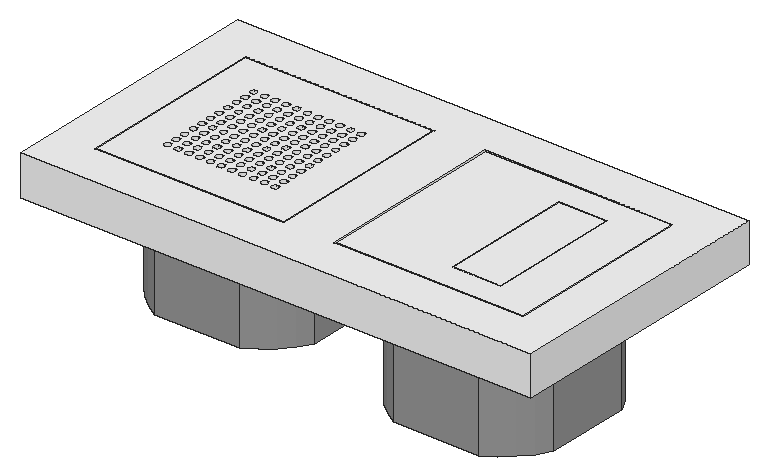
Revit family "Gira_2280600", category Electrical Fixtures, host Face, Revit 2017
Family settings
  Host = Face
  Maintain Annotation Orientation = Yes
  Round Connector Dimension = Use Diameter
  Part Type = Normal
  Cut with Voids When Loaded = No
  Shared = No
  Room Calculation Point = No
Parameters (values of type "RDS FM radio speaker System 55 stainl.steel")
  URL = "http://katalog.gira.de/en/datenblatt.html?artikelnr=2280600"
  Type of fastening = "Mounting with claw and screw"
  Surface protection = "Other"
  Surface finishing = "Glossy"
  Name = "RDS FM radio speaker System 55 stainl.steel"
  Mounting method = "Flush mounted (plaster)"
  Model = "Radio"
  Material quality = "Other"
  Material = "Other"
  Manufacturer URL = "https://www.gira.de/"
  Manufacturer = "Gira"
  Keynote = ""
  HeinzeBIM = "https://bimportal.heinze.de/bim/rds-fm-radio-speaker-system-55-stainl-steel/ed0e5a1d0c0123ed4e41c93e7b1a4c6fb48890f7"
  Halogen free = "No"
  HAN = "2280600"
  GTIN = "4010337021070"
  Description = "RDS FM radio spk. Sys55 SST,RDS flush-mounted radio with a speaker,Operating top unit in black glass appearance,Stainless steel,Features:,- FM radio with RDS display for flush-mounted installation.,- The RDS flush-mounted radio consists of a radio insert with operating top unit and speaker insert with cover.,- The radio insert is compactly mounted in a flush-mounted insert and can therefore be installed in a single device box.,- The speaker can be installed in combination with the radio insert or offset in a device box. Two loudspeakers can be connected to the radio insert.,- The radio automatically detects connected speakers and switches between stereo and mono mode.,- With a corresponding RDS signal, the display of the operating top unit shows the station name, the transmission frequency and the time.,- Operation of the radio is using the capacitive buttons of the operating top unit. Operation only requires a light touching of the symbols.,- The RDS flush-mounted radio has two station presets, upon each of which a station setting can simply be saved and called up with the button actuation.,- For example, the radio can be switched on via the auxiliary input with a light switch or automatic control switch together with the room lighting.,- External audio sources, for example an MP3 player, can be connected to the radio via the stereo AUX input of the radio. For connection to the external audio source, an additional phono insert is required which is connected to the AUX terminals of the radio insert.,- The docking station insert is connected directly to the stereo AUX input for music playback.,- In sleep mode the radio switches off automatically 30 minutes after switching on.,,Notes :,- Reception interference can result in combination with additional electronic devices under one cover plate."
  Default Elevation = 1219.2 mm
  Data sheet (1) = "https://katalog.gira.de/en/download.html?artikelnr=2280600"
  Colour = "Stainless steel"
  Category = "Electronic insert for domestic switching devices"
  BIM (1) = "https://media.stage.bim.site/public/gira/36a6b08/Sys55_Komplettgerät_UP-Radio.rfa?public/gira/36a6b08/Sys55_Komplettgerät_UP-Radio.rfa"
  Available = "No"
  Assembly arrangement = "Basic element with housing top"
Reference planes
  plane 1 "Center (Front/Back)": y = 0
  plane 2 "Reference Level 0": z = 0
  plane 3 "Center (Left/Right)": x = 0
  plane 4 "Reference Level 1": z = 11.9
Forms (mm)
  Extrusion 1, solid, material "White", detail levels medium+fine
    sketch origin (0, 0, 0) x (1, 0, 0) y (0, 1, 0)
      loop
        line (-75.892, 40.342) -> (-75.892, -40.342) -> (75.892, -40.342) -> (75.892, 40.342) -> (-75.892, 40.342)
      loop
        line (-7.45, 28.1) -> (-63.65, 28.1) -> (-63.65, -28.1) -> (-7.45, -28.1) -> (-7.45, 28.1)
      loop
        line (7.45, 28.1) -> (7.45, -28.1) -> (63.65, -28.1) -> (63.65, 28.1) -> (7.45, 28.1)
    from 0 to 11.9
  Extrusion 2, solid, material "White", detail levels fine
    sketch origin (0, 0, 0) x (1, 0, 0) y (0, 1, 0)
      loop
        circle (-19.55, 16) r 1
      loop
        circle (-22.75, 16) r 1
      loop
        circle (-25.95, 16) r 1
      loop
        circle (-29.15, 16) r 1
      loop
        circle (-32.35, 16) r 1
      loop
        circle (-35.55, 16) r 1
      loop
        circle (-38.75, 16) r 1
      loop
        circle (-41.95, 16) r 1
      loop
        circle (-45.15, 16) r 1
      loop
        circle (-48.35, 16) r 1
      loop
        circle (-51.55, 16) r 1
      loop
        circle (-19.55, 12.8) r 1
      loop
        circle (-22.75, 12.8) r 1
      loop
        circle (-25.95, 12.8) r 1
      loop
        circle (-29.15, 12.8) r 1
      loop
        circle (-32.35, 12.8) r 1
      loop
        circle (-35.55, 12.8) r 1
      loop
        circle (-38.75, 12.8) r 1
      loop
        circle (-41.95, 12.8) r 1
      loop
        circle (-45.15, 12.8) r 1
      loop
        circle (-48.35, 12.8) r 1
      loop
        circle (-51.55, 12.8) r 1
      loop
        circle (-19.55, 9.6) r 1
      loop
        circle (-22.75, 9.6) r 1
      loop
        circle (-25.95, 9.6) r 1
      loop
        circle (-29.15, 9.6) r 1
      loop
        circle (-32.35, 9.6) r 1
      loop
        circle (-35.55, 9.6) r 1
      loop
        circle (-38.75, 9.6) r 1
      loop
        circle (-41.95, 9.6) r 1
      loop
        circle (-45.15, 9.6) r 1
      loop
        circle (-48.35, 9.6) r 1
      loop
        circle (-51.55, 9.6) r 1
      loop
        circle (-19.55, 6.4) r 1
      loop
        circle (-22.75, 6.4) r 1
      loop
        circle (-25.95, 6.4) r 1
      loop
        circle (-29.15, 6.4) r 1
      loop
        circle (-32.35, 6.4) r 1
      loop
        circle (-35.55, 6.4) r 1
      loop
        circle (-38.75, 6.4) r 1
      loop
        circle (-41.95, 6.4) r 1
      loop
        circle (-45.15, 6.4) r 1
      loop
        circle (-48.35, 6.4) r 1
      loop
        circle (-51.55, 6.4) r 1
      loop
        circle (-19.55, 3.2) r 1
      loop
        circle (-22.75, 3.2) r 1
      loop
        circle (-25.95, 3.2) r 1
      loop
        circle (-29.15, 3.2) r 1
      loop
        circle (-32.35, 3.2) r 1
      loop
        circle (-35.55, 3.2) r 1
      loop
        circle (-38.75, 3.2) r 1
      loop
        circle (-41.95, 3.2) r 1
      loop
        circle (-45.15, 3.2) r 1
      loop
        circle (-48.35, 3.2) r 1
      loop
        circle (-51.55, 3.2) r 1
      loop
        circle (-19.55, 0) r 1
      loop
        circle (-22.75, 0) r 1
      loop
        circle (-25.95, 0) r 1
      loop
        circle (-29.15, 0) r 1
      loop
        circle (-32.35, 0) r 1
      loop
        circle (-35.55, 0) r 1
      loop
        circle (-38.75, 0) r 1
      loop
        circle (-41.95, 0) r 1
      loop
        circle (-45.15, 0) r 1
      loop
        circle (-48.35, 0) r 1
      loop
        circle (-51.55, 0) r 1
      loop
        circle (-19.55, -3.2) r 1
      loop
        circle (-22.75, -3.2) r 1
      loop
        circle (-25.95, -3.2) r 1
      loop
        circle (-29.15, -3.2) r 1
      loop
        circle (-32.35, -3.2) r 1
      loop
        circle (-35.55, -3.2) r 1
      loop
        circle (-38.75, -3.2) r 1
      loop
        circle (-41.95, -3.2) r 1
      loop
        circle (-45.15, -3.2) r 1
      loop
        circle (-48.35, -3.2) r 1
      loop
        circle (-51.55, -3.2) r 1
      loop
        circle (-19.55, -6.4) r 1
      loop
        circle (-22.75, -6.4) r 1
      loop
        circle (-25.95, -6.4) r 1
      loop
        circle (-29.15, -6.4) r 1
      loop
        circle (-32.35, -6.4) r 1
      loop
        circle (-35.55, -6.4) r 1
      loop
        circle (-38.75, -6.4) r 1
      loop
        circle (-41.95, -6.4) r 1
      loop
        circle (-45.15, -6.4) r 1
      loop
        circle (-48.35, -6.4) r 1
      loop
        circle (-51.55, -6.4) r 1
      loop
        circle (-19.55, -9.6) r 1
      loop
        circle (-22.75, -9.6) r 1
      loop
        circle (-25.95, -9.6) r 1
      loop
        circle (-29.15, -9.6) r 1
      loop
        circle (-32.35, -9.6) r 1
      loop
        circle (-35.55, -9.6) r 1
      loop
        circle (-38.75, -9.6) r 1
      loop
        circle (-41.95, -9.6) r 1
      loop
        circle (-45.15, -9.6) r 1
      loop
        circle (-48.35, -9.6) r 1
      loop
        circle (-51.55, -9.6) r 1
      loop
        circle (-19.55, -12.8) r 1
      loop
        circle (-22.75, -12.8) r 1
      loop
        circle (-25.95, -12.8) r 1
      loop
        circle (-29.15, -12.8) r 1
      loop
        circle (-32.35, -12.8) r 1
      loop
        circle (-35.55, -12.8) r 1
      loop
        circle (-38.75, -12.8) r 1
      loop
        circle (-41.95, -12.8) r 1
      loop
        circle (-45.15, -12.8) r 1
      loop
        circle (-48.35, -12.8) r 1
      loop
        circle (-51.55, -12.8) r 1
      loop
        circle (-19.55, -16) r 1
      loop
        circle (-22.75, -16) r 1
      loop
        circle (-25.95, -16) r 1
      loop
        circle (-29.15, -16) r 1
      loop
        circle (-32.35, -16) r 1
      loop
        circle (-35.55, -16) r 1
      loop
        circle (-38.75, -16) r 1
      loop
        circle (-41.95, -16) r 1
      loop
        circle (-45.15, -16) r 1
      loop
        circle (-48.35, -16) r 1
      loop
        circle (-51.55, -16) r 1
      loop
        line (-63.25, 27.7) -> (-63.25, -27.7) -> (-7.85, -27.7) -> (-7.85, 27.7) -> (-63.25, 27.7)
    from 0 to 11.9
  Extrusion 3, solid, material "White", detail levels fine
    sketch origin (0, 0, 0) x (1, 0, 0) y (0, 1, 0)
      loop
        line (7.95, 27.7) -> (7.95, -27.7) -> (63.35, -27.7) -> (63.35, 27.7) -> (7.95, 27.7)
      loop
        line (35.999, -19.679) -> (50.301, -19.679) -> (50.229, 19.679) -> (36.071, 19.679) -> (35.999, -19.679)
    from 0 to 11.9
  Extrusion 4, solid, material "White", detail levels fine
    sketch origin (0, 0, 0) x (1, 0, 0) y (0, 1, 0)
      loop
        line (35.999, -19.679) -> (50.301, -19.679) -> (50.229, 19.679) -> (36.071, 19.679) -> (35.999, -19.679)
    from 0 to 11.9
  Extrusion 5, solid, material "White", detail levels medium
    sketch origin (0, 0, 0) x (1, 0, 0) y (0, 1, 0)
      loop
        line (-63.65, 28.1) -> (-63.65, -28.1) -> (-7.45, -28.1) -> (-7.45, 28.1) -> (-63.65, 28.1)
    from 0 to 11.9
  Extrusion 6, solid, material "White", detail levels medium
    sketch origin (0, 0, 0) x (1, 0, 0) y (0, 1, 0)
      loop
        line (7.45, 28.1) -> (7.45, -28.1) -> (63.65, -28.1) -> (63.65, 28.1) -> (7.45, 28.1)
    from 0 to 11.9
  Extrusion 7, solid, material "Grey", detail levels fine
    sketch origin (0, 0, 0) x (1, 0, 0) y (0, 1, 0)
      loop
        arc (10.55, -12.61) -> (15.751, -19.799) -> (22.94, -25) r 28
        line (22.94, -25) -> (48.16, -25)
        arc (48.16, -25) -> (55.349, -19.799) -> (60.55, -12.61) r 28
        line (60.55, -12.61) -> (60.55, 12.61)
        arc (60.55, 12.61) -> (55.349, 19.799) -> (48.16, 25) r 28
        line (48.16, 25) -> (22.94, 25)
        arc (22.94, 25) -> (15.751, 19.799) -> (10.55, 12.61) r 28
        line (10.55, 12.61) -> (10.55, -12.61)
    from 0 to -31.7
  Extrusion 8, solid, material "Grey", detail levels fine
    sketch origin (0, 0, 0) x (-1, 0, 0) y (0, -1, 0)
      loop
        line (10.55, 12.61) -> (10.55, -12.61)
        arc (10.55, -12.61) -> (15.751, -19.799) -> (22.94, -25) r 28
        line (22.94, -25) -> (48.16, -25)
        arc (48.16, -25) -> (55.349, -19.799) -> (60.55, -12.61) r 28
        line (60.55, -12.61) -> (60.55, 12.61)
        arc (60.55, 12.61) -> (55.349, 19.799) -> (48.16, 25) r 28
        line (48.16, 25) -> (22.94, 25)
        arc (22.94, 25) -> (15.751, 19.799) -> (10.55, 12.61) r 28
    from 0 to -28
  Extrusion 9, solid, detail levels medium
    sketch origin (0, 0, 0) x (-1, 0, 0) y (0, -1, 0)
      loop
        line (10.55, 25) -> (10.55, -25) -> (60.55, -25) -> (60.55, 25) -> (10.55, 25)
    from 0 to -28
  Extrusion 10, solid, detail levels medium
    sketch origin (0, 0, 0) x (1, 0, 0) y (0, 1, 0)
      loop
        line (10.55, -25) -> (60.55, -25) -> (60.55, 25) -> (10.55, 25) -> (10.55, -25)
    from 0 to -31.7
  Extrusion 11, solid, material "Grey", detail levels coarse
    sketch origin (0, 0, 0) x (1, 0, 0) y (0, 1, 0)
      loop
        line (-75.892, 40.342) -> (-75.892, -40.342) -> (75.892, -40.342) -> (75.892, 40.342) -> (-75.892, 40.342)
    from -31.7 to 11.9
Cuts and joins
  joined: Extrusion 7, Extrusion 8
  joined: Extrusion 9, Extrusion 10
Dimensions and locks
  aligned and locked: plane 2 "Reference Level 0" to host face
  aligned and locked: level to host face
Nested families
  nested 1: "Radio Beschriftung" at (0, 0, 0) x (0, 1, 0) z (0, 0, 1), type "Radio Beschriftung"
Connectors
  electrical at (-35.55, 0, -28)
    settings: on cut or joined group of Extrusion 7, Extrusion 8, index 1, voltage 220 V, apparent load 0 VA, apparent load phase1 0 VA, apparent load phase2 0 VA, apparent load phase3 0 VA, power factor 1, load classification "Other", number of poles 1, system type 31, power factor state 1, is connector primary yes, connector utility no, sub classification motor no, connector description ""
Definition of nested family "Radio Beschriftung"
  Reference planes
    plane 1: y = 0
    plane 2: x = 0
  Lines and regions (mm)
    detail lines
      curve 1: line (0, 1, 0) -> (3, 1, 0)
      curve 2: line (0, -1, 0) -> (0, 1, 0)
      curve 3: line (3, -1, 0) -> (0, -1, 0)
      curve 4: line (3, 1, 0) -> (3, -1, 0)
      curve 5: line (2, 1, 0) -> (2, -1, 0)
      curve 6: line (3, 1, 0) -> (2, 0.49, 0)
      curve 7: line (3, -1, 0) -> (2, -0.49, 0)
  Dimensions and locks
    curve 2 to curve 4 = 3 mm
    curve 3 to curve 1 = 2 mm
